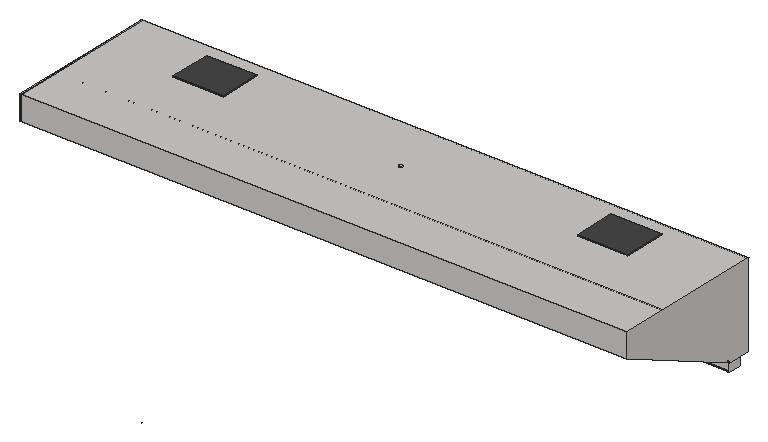
Revit family "QF_ELECTROLUXPROFESSIONAL_644189_AMPV936BT", category Specialty Equipment, Revit 2014
Reference planes
  plane 1: z = 0
  plane 2 "Center (Left/Right)": x = 150
  plane 3 "LEFT": x = -1650
  plane 4 "RIGHT": x = 1950
  plane 5 "BACK": y = 550
  plane 6 "Plane": z = 2000
  plane 7 "TOP": z = 2140
  plane 8 "Base": z = 1640
  plane 9: z = 1566
  plane 10 "DrainY": y = 485
  plane 11: x = -1647
  plane 12: through (0, 414.509, 1640.8) normal (0, 0.7314, 0.682)
  plane 13: y = 470
  plane 14: y = 220
  plane 15 "DrainX": x = 1830
  plane 16: x = -900
  plane 17: x = 1200
  plane 18: x = -1200
  plane 19: x = 1500
  plane 20: x = 1947
  plane 21: x = 1740
  plane 22: x = 1920
  plane 23: x = -1610
  plane 24: x = -1245
  plane 25: x = -850
  plane 26: x = 1910
  plane 27: x = 1545
  plane 28: x = 1150
  plane 29: x = -47.5
  plane 30: x = 347.5
  plane 31: y = 100
  plane 32: y = -350
Forms (mm)
  Extrusion 1, solid, material "QF_Finishes_Stainless Steel"
    sketch origin (-1650, 0, 0) x (0, 1, 0) y (0, 0, 1)
      loop
        line (550, 1640) -> (550, 2140) -> (-350, 2140) -> (-350, 1999.112) -> (413.973, 1640) -> (550, 1640)
    from 0 to 3
  Extrusion 2, solid, material "QF_Finishes_Stainless Steel"
    sketch origin (150, 0, 0) x (0, 1, 0) y (0, 0, 1)
      loop
        line (415.255, 1640) -> (550, 1640) -> (550, 2139.19) -> (549.2, 2139.19) -> (549.2, 1640.8) -> (415.876, 1640.8) -> (339.347, 1722.867) -> (349.609, 1732.436) -> (348.927, 1733.167) -> (337.934, 1722.917) -> (415.255, 1640)
      loop
        line (-82.203, 2139.19) -> (-82.203, 2118.6) -> (-31.047, 2118.6) -> (34.354, 2048.466) -> (46.028, 2059.352) -> (45.346, 2060.083) -> (34.403, 2049.879) -> (-30.612, 2119.6) -> (-81.203, 2119.6) -> (-81.203, 2139.19) -> (-82.203, 2139.19)
    from -1797 to 1797
  Extrusion 3, solid, material "QF_Finishes_Stainless Steel"
    sketch origin (1950, 0, 0) x (0, 1, 0) y (0, 0, 1)
      loop
        line (550, 1640) -> (550, 2140) -> (-350, 2140) -> (-350, 1999.112) -> (413.973, 1640) -> (550, 1640)
    from 0 to -3
  Extrusion 4, solid, material "QF_Finishes_Stainless Steel"
    sketch origin (150, 0, 0) x (0, 1, 0) y (0, 0, 1)
      loop
        line (-350, 2140) -> (-350, 2000) -> (-349.2, 2000) -> (-349.2, 2139.19) -> (550, 2139.19) -> (550, 2140) -> (-350, 2140)
    from -1800 to 1800
  Extrusion 5, solid, material "QF_Finishes_Stainless Steel"
    sketch origin (150, 0, 0) x (0, 1, 0) y (0, 0, 1)
      loop
        line (534, 1640) -> (436, 1640) -> (436, 1627) -> (443.5, 1627) -> (443.5, 1576)
        arc (443.5, 1576) -> (446.429, 1568.929) -> (453.5, 1566) r 10
        line (453.5, 1566) -> (516.5, 1566)
        arc (516.5, 1566) -> (523.571, 1568.929) -> (526.5, 1576) r 10
        line (526.5, 1576) -> (526.5, 1627) -> (534, 1627) -> (534, 1640)
    from 1590 to 1770
  Extrusion 6, solid, material "QF_Finishes_Stainless Steel"
    sketch origin (0, 0, 1640) x (0, 1, 0) y (-1, 0, 0)
      loop
        circle (485, -1830) r 20
    from -76 to -74
  Extrusion 7, solid, material "QF_Finished_Chrome"
    sketch origin (150, 0, 0) x (0, 1, 0) y (0, 0, 1)
      loop
        line (337.934, 1722.917) -> (341.591, 1726.327) -> (38.011, 2051.876) -> (34.354, 2048.466) -> (337.934, 1722.917)
    from -1395 to -1760
  Extrusion 8, solid, material "QF_Finished_Chrome"
    sketch origin (150, 0, 0) x (0, 1, 0) y (0, 0, 1)
      loop
        line (337.934, 1722.917) -> (341.591, 1726.327) -> (38.011, 2051.876) -> (34.354, 2048.466) -> (337.934, 1722.917)
    from -197.5 to -1000
  Extrusion 9, solid, material "QF_Finishes_Stainless Steel"
    sketch origin (150, 0, 0) x (0, 1, 0) y (0, 0, 1)
      loop
        line (337.934, 1722.917) -> (341.591, 1726.327) -> (38.011, 2051.876) -> (34.354, 2048.466) -> (337.934, 1722.917)
    from 1797 to 1760
  Extrusion 10, solid, material "QF_Finishes_Stainless Steel"
    sketch origin (150, 0, 0) x (0, 1, 0) y (0, 0, 1)
      loop
        line (341.588, 1726.324) -> (38.009, 2051.874) -> (34.354, 2048.466) -> (337.934, 1722.917) -> (341.588, 1726.324)
    from -1395 to -1000
  Extrusion 11, solid, material "QF_Finished_Chrome"
    sketch origin (150, 0, 0) x (0, 1, 0) y (0, 0, 1)
      loop
        line (341.588, 1726.324) -> (38.009, 2051.874) -> (34.354, 2048.466) -> (337.934, 1722.917) -> (341.588, 1726.324)
    from 1395 to 1760
  Extrusion 12, solid, material "QF_Finishes_Black"
    sketch origin (0, 0, 2140) x (0, 1, 0) y (-1, 0, 0)
      loop
        line (470, 1200) -> (220, 1200) -> (220, 900) -> (470, 900) -> (470, 1200)
    from 5 to 0
  Extrusion 13, solid, material "QF_Finishes_Black"
    sketch origin (940, 0, 2140) x (0, 1, 0) y (-1, 0, 0)
      loop
        line (470, -260) -> (220, -260) -> (220, -560) -> (470, -560) -> (470, -260)
    from 5 to 0
  Extrusion 14, solid, material "QF_Finishes_Stainless Steel"
    sketch origin (0, 0, 0) x (1, 0, 0) y (0, 1, 0)
      loop
        line (-1650, 550) -> (-1650, 549) -> (-1649, 549) -> (-1649, 550) -> (-1650, 550)
    from 0 to 1
  Extrusion 15, solid, material "QF_Finishes_Stainless Steel"
    sketch origin (150, 0, 0) x (0, 1, 0) y (0, 0, 1)
      loop
        line (337.934, 1722.917) -> (341.591, 1726.327) -> (38.011, 2051.876) -> (34.354, 2048.466) -> (337.934, 1722.917)
    from -1760 to -1797
  Extrusion 16, solid, material "QF_Finishes_Stainless Steel"
    sketch origin (150, 0, 0) x (0, 1, 0) y (0, 0, -1)
      loop
        line (341.588, -1726.324) -> (337.934, -1722.917) -> (34.354, -2048.466) -> (38.009, -2051.874) -> (341.588, -1726.324)
    from -1395 to -1000
  Extrusion 17, solid, material "QF_Finished_Chrome"
    sketch origin (150, 0, 0) x (0, 1, 0) y (0, 0, 1)
      loop
        line (337.934, 1722.917) -> (341.591, 1726.327) -> (38.011, 2051.876) -> (34.354, 2048.466) -> (337.934, 1722.917)
    from 1000 to 197.5
  Extrusion 18, solid, material "QF_Finishes_Stainless Steel"
    sketch origin (150, 0, 0) x (0, 1, 0) y (0, 0, -1)
      loop
        line (341.588, -1726.324) -> (337.934, -1722.917) -> (34.354, -2048.466) -> (38.009, -2051.874) -> (341.588, -1726.324)
    from -197.5 to 197.5
  Extrusion 19, solid, material "QF_Finishes_Stainless Steel"
    sketch origin (0, 0, 2140) x (0, 1, 0) y (-1, 0, 0)
      loop
        circle (220, -150) r 10
    from 0 to 1.6
Cuts and joins
  joined: Extrusion 2, Extrusion 4
Lines and regions (mm)
  reference lines
    curve 1: line (150, 34.354, 2048.466) -> (150, 34.354, 1888.466)
  symbolic lines, style "SpecialityEquipment", detail levels coarse
    curve 2: line (1950, 550, 2140) -> (-1650, 550, 2140)
    curve 3: line (-1650, 550, 2140) -> (-1650, -350, 2140)
    curve 4: line (1950, -350, 2140) -> (1950, 550, 2140)
    curve 5: line (-1650, -350, 2140) -> (1950, -350, 2140)
    curve 6: line (-1200, 220, 2140) -> (-900, 220, 2140)
    curve 7: line (-1200, 470, 2140) -> (-1200, 220, 2140)
    curve 8: line (-900, 470, 2140) -> (-1200, 470, 2140)
    curve 9: line (-900, 220, 2140) -> (-900, 470, 2140)
    curve 10: line (1200, 470, 2140) -> (1200, 220, 2140)
    curve 11: line (1200, 220, 2140) -> (1500, 220, 2140)
    curve 12: line (1500, 470, 2140) -> (1200, 470, 2140)
    curve 13: line (1500, 220, 2140) -> (1500, 470, 2140)
  symbolic lines, detail levels coarse
    curve 14: line (-1650, -350, 0) -> (1950, 550, 0)
    curve 15: line (-1650, 550, 0) -> (1950, -350, 0)
Dimensions and locks
  plane 3 "LEFT" to plane 4 "RIGHT" = 3600 mm
  equal spacing: plane 3 "LEFT", plane 2 "Center (Left/Right)", plane 4 "RIGHT"
  locked: plane 6 "Plane" to level at 2000
  plane 7 "TOP" to plane 6 "Plane" = 140 mm
  locked: plane 7 "TOP" to plane 8 "Base" at 500
  plane 8 "Base" to plane 9 = 74 mm
  plane 5 "BACK" to plane 10 "DrainY" = 65 mm  (x2)
  plane 3 "LEFT" to plane 11 = 3 mm
  plane 5 "BACK" to plane 13 = 80 mm
  plane 13 to plane 14 = 250 mm  (x2)
  plane 15 "DrainX" to plane 4 "RIGHT" = 120 mm
  locked: plane 16 to plane 17 at 2100
  equal spacing: plane 16, plane 2 "Center (Left/Right)", plane 17
  plane 18 to plane 16 = 300 mm
  plane 17 to plane 19 = 300 mm
  plane 20 to plane 4 "RIGHT" = 3 mm
  locked: plane 21 to plane 15 "DrainX" at 90
  locked: plane 15 "DrainX" to plane 22 at 90
  plane 13 to plane 5 "BACK" = 80 mm
  locked: plane 3 "LEFT" to plane 23 at 40
  locked: plane 23 to plane 24 at 365
  locked: plane 24 to plane 25 at 395
  locked: plane 26 to plane 27 at 365
  locked: plane 27 to plane 28 at 395
  locked: plane 26 to plane 4 "RIGHT" at 40
  locked: plane 29 to plane 30 at 395
  equal spacing: plane 29, plane 2 "Center (Left/Right)", plane 30
  plane 25 to plane 29 = 802.5 mm
  plane 30 to plane 28 = 802.5 mm
  plane 5 "BACK" to plane 32 = 900 mm  (x2)
  equal spacing: plane 5 "BACK", plane 31, plane 32
  aligned and locked: level to plane 1
  aligned and locked: Extrusion 2 to Extrusion 1
  aligned and locked: Extrusion 2 to Extrusion 3
  aligned and locked: plane 4 "RIGHT" to Extrusion 4
  aligned and locked: Extrusion 4 to plane 3 "LEFT"
  aligned and locked: plane 20 to Extrusion 9
  aligned and locked: plane 18 to Extrusion 12
  aligned and locked: Extrusion 12 to plane 16
  aligned and locked: Extrusion 12 to plane 14
  aligned and locked: Extrusion 12 to plane 13
  aligned and locked: Extrusion 13 to plane 19
  aligned and locked: plane 17 to Extrusion 13
  aligned and locked: Extrusion 2 to Extrusion 4
  aligned and locked: plane 22 to Extrusion 5
  aligned and locked: Extrusion 5 to plane 21
  aligned and locked: Extrusion 9 to plane 26
  aligned and locked: Extrusion 11 to plane 26
  aligned and locked: Extrusion 11 to plane 27
  aligned and locked: Extrusion 8 to plane 25
  aligned and locked: plane 25 to Extrusion 10
  aligned and locked: Extrusion 10 to plane 24
  aligned and locked: plane 24 to Extrusion 7
  aligned and locked: Extrusion 7 to plane 23
  aligned and locked: Extrusion 15 to plane 11
  aligned and locked: plane 23 to Extrusion 15
  aligned and locked: Extrusion 16 to plane 28
  aligned and locked: Extrusion 16 to plane 27
  aligned and locked: Extrusion 3 to plane 20
  aligned and locked: plane 29 to Extrusion 8
  aligned and locked: Extrusion 17 to plane 28
  aligned and locked: Extrusion 17 to plane 30
  aligned and locked: plane 30 to Extrusion 18
  aligned and locked: Extrusion 18 to plane 29
Automatic sketch dimensions
  curve 5 to plane 3 "LEFT" = 0 mm
  curve 9 to plane 14 = 0 mm
  curve 10 to plane 14 = 0 mm
  plane 13 to curve 8 = 0 mm
  plane 13 to curve 12 = 0 mm
  curve 3 to plane 5 "BACK" = 0 mm
  curve 5 to plane 4 "RIGHT" = 0 mm
  curve 11 to plane 19 = 0 mm
  curve 10 to plane 17 = 0 mm
  curve 6 to plane 16 = 0 mm
  curve 6 to plane 18 = 0 mm
  Extrusion 2 sketch curve to plane 12 = 0 mm  (x3)
  Extrusion 2 sketch curve to plane 8 "Base" = 0 mm
  plane 12 to Extrusion 2 sketch curve = 0 mm
  Extrusion 2 sketch curve to plane 5 "BACK" = 0 mm
  Extrusion 2 sketch curve to Extrusion 2 sketch curve = 65.646 mm
  Extrusion 2 sketch curve to Extrusion 2 sketch curve = 0.682 mm  (x2)
  Extrusion 2 sketch curve to Extrusion 2 sketch curve = 10.261 mm
  plane 8 "Base" to Extrusion 2 sketch curve = 82.917 mm
  Extrusion 2 sketch curve to Extrusion 2 sketch curve = 10.942 mm
  Extrusion 2 sketch curve to Extrusion 2 sketch curve = 0.049 mm
  Extrusion 2 sketch curve to plane 7 "TOP" = 20.4 mm
  Extrusion 2 sketch curve to plane 7 "TOP" = 21.4 mm
  Extrusion 2 sketch curve to plane 7 "TOP" = 0.81 mm  (x2)
  Extrusion 2 sketch curve to Extrusion 2 sketch curve = 50.156 mm
  Extrusion 2 sketch curve to Extrusion 2 sketch curve = 1 mm
  plane 8 "Base" to Extrusion 2 sketch curve = 0.8 mm
  Extrusion 2 sketch curve to plane 5 "BACK" = 0.8 mm
  Extrusion 3 sketch curve to plane 8 "Base" = 0 mm
  Extrusion 3 sketch curve to plane 5 "BACK" = 0 mm
  Extrusion 3 sketch curve to plane 7 "TOP" = 0 mm
  plane 13 to Extrusion 3 sketch curve = 56.027 mm
  Extrusion 4 sketch curve to plane 6 "Plane" = 0 mm
  Extrusion 4 sketch curve to plane 5 "BACK" = 0 mm
  Extrusion 4 sketch curve to plane 7 "TOP" = 0 mm
  Extrusion 4 sketch curve to plane 7 "TOP" = 0.81 mm
  curve 1 to plane 12 = 0 mm
  curve 1 to plane 6 "Plane" = 111.534 mm
  Extrusion 5 sketch curve to plane 8 "Base" = 0 mm
  Extrusion 5 sketch curve to plane 9 = 0 mm
  Extrusion 5 sketch curve to plane 8 "Base" = 13 mm  (x2)
  plane 13 to Extrusion 5 sketch curve = 34 mm
  Extrusion 5 sketch curve to Extrusion 5 sketch curve = 7.5 mm  (x2)
  Extrusion 5 sketch curve to Extrusion 5 sketch curve = 10 mm
  plane 10 "DrainY" to Extrusion 5 sketch curve = 31.5 mm
  Extrusion 5 sketch curve to plane 5 "BACK" = 23.5 mm
  Extrusion 6 sketch curve to plane 10 "DrainY" = 0 mm
  Extrusion 6 sketch curve to plane 15 "DrainX" = 0 mm
  Extrusion 7 sketch curve to plane 12 = 0 mm  (x2)
  Extrusion 7 sketch curve to Extrusion 7 sketch curve = 3.657 mm
  plane 8 "Base" to Extrusion 7 sketch curve = 82.917 mm
  Extrusion 8 sketch curve to plane 12 = 0 mm  (x2)
  Extrusion 8 sketch curve to Extrusion 8 sketch curve = 3.657 mm
  plane 8 "Base" to Extrusion 8 sketch curve = 82.917 mm
  Extrusion 9 sketch curve to plane 12 = 0 mm  (x2)
  Extrusion 9 sketch curve to Extrusion 9 sketch curve = 3.657 mm
  plane 8 "Base" to Extrusion 9 sketch curve = 82.917 mm
  Extrusion 10 sketch curve to plane 12 = 0 mm  (x2)
  Extrusion 10 sketch curve to Extrusion 10 sketch curve = 3.655 mm
  plane 8 "Base" to Extrusion 10 sketch curve = 82.917 mm
  Extrusion 11 sketch curve to plane 12 = 0 mm  (x2)
  Extrusion 11 sketch curve to Extrusion 11 sketch curve = 3.655 mm
  plane 8 "Base" to Extrusion 11 sketch curve = 82.917 mm
  Extrusion 12 sketch curve to plane 14 = 0 mm
  plane 13 to Extrusion 12 sketch curve = 0 mm
  Extrusion 12 sketch curve to plane 16 = 0 mm
  Extrusion 12 sketch curve to plane 18 = 0 mm
  Extrusion 13 sketch curve to plane 14 = 0 mm
  plane 13 to Extrusion 13 sketch curve = 0 mm
  Extrusion 13 sketch curve to plane 19 = 0 mm
  Extrusion 13 sketch curve to plane 17 = 0 mm
  Extrusion 14 sketch curve to plane 3 "LEFT" = 0 mm
  Extrusion 14 sketch curve to plane 5 "BACK" = 0 mm
  plane 3 "LEFT" to Extrusion 14 sketch curve = 1 mm
  Extrusion 14 sketch curve to Extrusion 14 sketch curve = 1 mm
  Extrusion 15 sketch curve to plane 12 = 0 mm  (x2)
  Extrusion 15 sketch curve to Extrusion 15 sketch curve = 3.657 mm
  plane 8 "Base" to Extrusion 15 sketch curve = 82.917 mm
  Extrusion 16 sketch curve to plane 12 = 0 mm  (x2)
  Extrusion 16 sketch curve to Extrusion 16 sketch curve = 3.655 mm
  plane 8 "Base" to Extrusion 16 sketch curve = 82.917 mm
  Extrusion 17 sketch curve to plane 12 = 0 mm  (x2)
  Extrusion 17 sketch curve to Extrusion 17 sketch curve = 3.657 mm
  plane 8 "Base" to Extrusion 17 sketch curve = 82.917 mm
  Extrusion 18 sketch curve to plane 12 = 0 mm  (x2)
  Extrusion 18 sketch curve to Extrusion 18 sketch curve = 3.655 mm
  plane 8 "Base" to Extrusion 18 sketch curve = 82.917 mm
  Extrusion 4 sketch curve to Extrusion 4 sketch curve = 0.8 mm
  curve 5 to plane 14 = 570 mm
  plane 6 "Plane" to Extrusion 2 sketch curve = 48.466 mm
  Extrusion 4 sketch curve to plane 14 = 569.2 mm
  curve 1 to plane 14 = 185.646 mm
  plane 6 "Plane" to Extrusion 7 sketch curve = 51.876 mm
  plane 6 "Plane" to Extrusion 8 sketch curve = 51.876 mm
  plane 6 "Plane" to Extrusion 9 sketch curve = 51.876 mm
  plane 6 "Plane" to Extrusion 10 sketch curve = 51.874 mm
  plane 6 "Plane" to Extrusion 11 sketch curve = 51.874 mm
  plane 6 "Plane" to Extrusion 15 sketch curve = 51.876 mm
  plane 6 "Plane" to Extrusion 16 sketch curve = 51.874 mm
  plane 6 "Plane" to Extrusion 17 sketch curve = 51.876 mm
  plane 6 "Plane" to Extrusion 18 sketch curve = 51.874 mm
  Extrusion 1 sketch curve to plane 32 = 0 mm
  Extrusion 1 sketch curve to plane 8 "Base" = 0 mm
  Extrusion 1 sketch curve to plane 5 "BACK" = 0 mm
  Extrusion 1 sketch curve to plane 7 "TOP" = 0 mm
  plane 13 to Extrusion 1 sketch curve = 56.027 mm
  Extrusion 1 sketch curve to plane 6 "Plane" = 0.888 mm
  Extrusion 3 sketch curve to plane 32 = 0 mm
  Extrusion 3 sketch curve to plane 6 "Plane" = 0.888 mm
  curve 15 to plane 3 "LEFT" = 0 mm
  curve 14 to plane 3 "LEFT" = 0 mm
  curve 15 to plane 4 "RIGHT" = 0 mm
  curve 14 to plane 4 "RIGHT" = 0 mm
  curve 15 to plane 32 = 0 mm
  curve 14 to plane 32 = 0 mm
  curve 15 to plane 5 "BACK" = 0 mm
  curve 14 to plane 5 "BACK" = 0 mm
  Extrusion 19 sketch curve to plane 2 "Center (Left/Right)" = 0 mm
  Extrusion 19 sketch curve to plane 14 = 0 mm
  radius of Extrusion 6 sketch curve = 20 mm
  radius of Extrusion 19 sketch curve = 10 mm
Connectors
  piping at (1830, 485, 1564), diameter 20
    settings: on Extrusion 6, index 1, connector inside diameter 609.6 mm, connector length 0 mm, flow factor 0, pipe flow 0.0 L/s, pressure drop 0.0 Pa, fitting loss kfactor 0, connector angle 0.00°, fixture units 0, engagement length 0 mm, angle of deflection 0.00°, flow configuration 1, flow direction 2, fitting loss method 0, system type 16, joint type 0, gender type 0, connector reference index -1, connector utility 0, adjustable connector no, is connector primary yes, connector description "Drain"
  hvac at (-1050, 345, 2145)
    settings: on Extrusion 12, index 2, duct flow 0.0 L/s, flow factor 0, pres drop 0.0 Pa, loss coef 0, conn angle 0.00°, conn width 250 mm, conn height 300 mm, conn diameter 609.6 mm, duct sys type 3, conn prof type 1, flow config 1, flow direction 0, loss method 0, conn ref index -1, conn util no, is conn primary yes, conn desc "EXHAUST OUTLET"
  hvac at (1350, 345, 2145)
    settings: on Extrusion 13, index 3, duct flow 0.0 L/s, flow factor 0, pres drop 0.0 Pa, loss coef 0, conn angle 0.00°, conn width 250 mm, conn height 300 mm, conn diameter 609.6 mm, duct sys type 3, conn prof type 1, flow config 1, flow direction 0, loss method 0, conn ref index -1, conn util no, is conn primary no, conn desc "EXHAUST OUTLET"
  electrical at (150, 220, 2141.6)
    settings: on Extrusion 19, index 4, voltage 0 V, apparent load 0 VA, apparent load phase1 0 VA, apparent load phase2 0 VA, apparent load phase3 0 VA, power factor 1, load classification "Other", number of poles 1, system type 30, power factor state 1, is connector primary yes, connector utility no, sub classification motor no, connector description "Electrical Connection"
